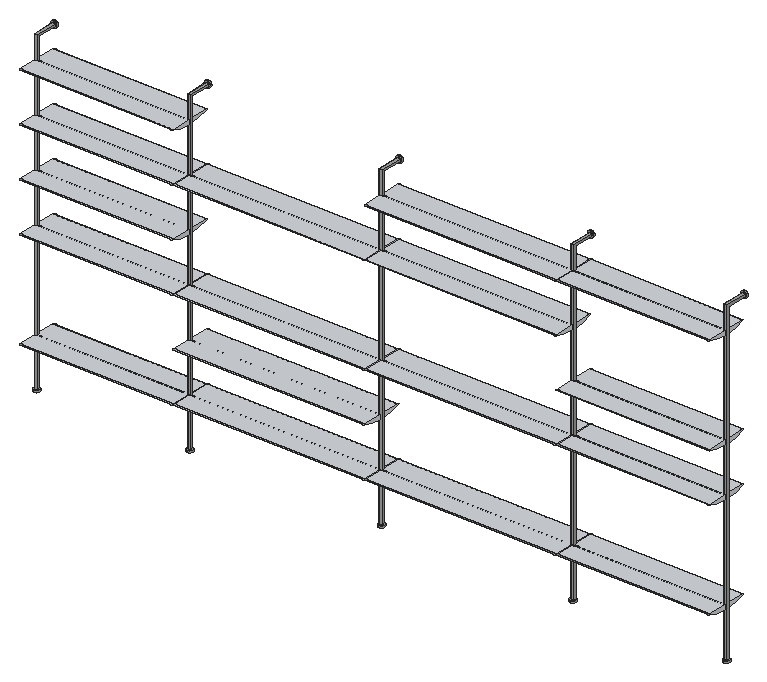
Revit family "Sailor_Parete_Composizione_6", category Arredi, Revit 2017
Family settings
  Numero OmniClass = 23.40.20.00
  Titolo OmniClass = General Furniture and Specialties
  Basato su piano di lavoro = No
  Sempre verticale = Sì
  Taglio con vuoti quando caricato = No
  Condiviso = No
  Punto di calcolo locali = No
Parameters
  VisibModulo4 = yes
  VisibModulo3 = yes
  VisibModulo2 = yes
  URL = "www.livingdivani.it"
  Produttore = "Living Divani"
  Modello = "Sailor"
  Lunghezza Modulo 3 = 1500 mm
  Lunghezza Modulo 2 = 1500 mm
  Lunghezza Modulo 4 = 1200 mm
  Lunghezza Modulo 1 = 1200 mm
Reference planes
  plane 1 "Centro (Fronte/Retro)": y = 0
  plane 2: z = 0
  plane 3 "Centro (Sinistra/Destra)": x = 0
Dimensions and locks
  aligned and locked: level to plane 2
  aligned and locked: nested 2 to nested 1
  aligned and locked: nested 3 to nested 2
  aligned and locked: nested 2 to nested 3
  aligned and locked: nested 4 to nested 3
  aligned and locked: nested 3 to nested 4
Nested families
  nested 1: "Sailor_Modulo_Base_Parete" at (0, 0, 0), LunghezzaRipiano <- "Lunghezza Modulo 1", type "Modulo 1"
    with VisibRipiano6 yes, VisibRipiano5 yes, VisibRipiano4 yes, VisibRipiano3 yes, VisibRipiano2 no, VisibRipiano1 yes, LunghezzaRipiano 1200 mm
  nested 2: "Sailor_Modulo_Base_Parete" at (1200, 0, 0), LunghezzaRipiano <- "Lunghezza Modulo 2", visible <- "VisibModulo2", type "Modulo 2"
    with VisibRipiano6 no, VisibRipiano5 yes, VisibRipiano4 no, VisibRipiano3 yes, VisibRipiano2 yes, VisibRipiano1 yes, LunghezzaRipiano 1500 mm, PrimaAsta no
  nested 3: "Sailor_Modulo_Base_Parete" at (2700, 0, 0), LunghezzaRipiano <- "Lunghezza Modulo 3", visible <- "VisibModulo3", type "Modulo 3"
    with VisibRipiano6 yes, VisibRipiano5 yes, VisibRipiano4 no, VisibRipiano3 yes, VisibRipiano2 no, VisibRipiano1 yes, LunghezzaRipiano 1500 mm, PrimaAsta no
  nested 4: "Sailor_Modulo_Base_Parete" at (4200, 0, 0), LunghezzaRipiano <- "Lunghezza Modulo 4", visible <- "VisibModulo4", type "Modulo 4"
    with VisibRipiano6 yes, VisibRipiano5 no, VisibRipiano4 yes, VisibRipiano3 yes, VisibRipiano2 no, VisibRipiano1 yes, LunghezzaRipiano 1200 mm, PrimaAsta no
Definition of nested family "Sailor_Modulo_Base_Parete"
  Parameters (values of type "Sailor_Modulo_Base_Parete")
    VisibRipiano6 [instance] = yes
    VisibRipiano5 [instance] = yes
    VisibRipiano4 [instance] = yes
    VisibRipiano3 [instance] = yes
    VisibRipiano1 [instance] = yes
    VisibRipiano2 [instance] = yes
    Ripiani = none
    PrimaAsta = yes
    LunghezzaRipiano [instance] = 900 mm
    Aste = none
  Reference planes
    plane 1 "Centro (Fronte/Retro)": y = 0
    plane 2: z = 0
    plane 3 "Centro (Sinistra/Destra)": x = 0
    plane 4: y = 0
    plane 5 "Lunghezza Ripiano": x = 900
    plane 6 "primo ripiano": z = 383
    plane 7: y = 0
    plane 8: y = 0
    plane 9: y = 0
    plane 10: y = 0
    plane 11: y = 0
  Forms (mm)
    Revolve 1, solid, material <- "Aste", visible <- "PrimaAsta"
      sketch origin (0, 0, 0) x (0, 1, 0) y (0, 0, 1)
        loop
          line (0, 20) -> (0, 0) -> (19, 0) -> (20.125, 2.25) -> (25, 2.25) -> (25, 9.915) -> (7.761, 9.915) -> (6.996, 12.974) -> (5, 12.974) -> (5, 14.189) -> (7.229, 20) -> (0, 20)
        axis (0, 0) -> (0, 20)
      angle from 0 to 360
    Extrusion 2, solid, material <- "Ripiani", visible <- "VisibRipiano1"
      sketch origin (0, -315.449, -968.719) x (0, 1, 0) y (0, 0, 1)
        loop
          arc (153.449, 1369.219) -> (150.496, 1366.748) -> (152.408, 1363.405) r 3
          arc (152.408, 1363.405) -> (315.449, 1334.219) -> (478.489, 1363.405) r 469.983
          arc (478.489, 1363.405) -> (480.402, 1366.748) -> (477.449, 1369.219) r 3
          line (477.449, 1369.219) -> (153.449, 1369.219)
        loop
          circle (315.449, 1351.719) r 8
      from 0 to 900 <- "LunghezzaRipiano"
    Extrusion 3, solid, visible <- "PrimaAsta", not visible
      sketch origin (0, 0, 0) x (1, 0, 0) y (0, 1, 0)
        loop
          line (12.5, 7.217) -> (0, 14.434) -> (-12.5, 7.217) -> (-12.5, -7.217) -> (0, -14.434) -> (12.5, -7.217) -> (12.5, 7.217)
      from 20 to 2670
    Revolve 4, solid, visible <- "PrimaAsta", not visible
      sketch origin (0, 0, 0) x (0, 1, 0) y (0, 0, 1)
        loop
          line (0, 20) -> (0, 0) -> (19, 0) -> (20.125, 2.25) -> (25, 2.25) -> (25, 9.915) -> (7.761, 9.915) -> (6.996, 12.974) -> (5, 12.974) -> (5, 14.189) -> (7.229, 20) -> (0, 20)
        axis (0, 0) -> (0, 20)
      angle from 0 to 360
    Revolve 5, solid, visible <- "PrimaAsta", not visible
      sketch origin (0, 0, 2690) x (0, 1, 0) y (0, 0, -1)
        loop
          line (0, 20) -> (0, 0) -> (19, 0) -> (20.125, 2.25) -> (25, 2.25) -> (25, 9.915) -> (7.761, 9.915) -> (6.996, 12.974) -> (5, 12.974) -> (5, 14.189) -> (7.229, 20) -> (0, 20)
        axis (0, 0) -> (0, 20)
      angle from 0 to 360
    Revolve 6, solid, material <- "Aste"
      sketch origin (900, 0, 0) x (0, 1, 0) y (0, 0, 1)
        loop
          line (0, 20) -> (0, 0) -> (19, 0) -> (20.125, 2.25) -> (25, 2.25) -> (25, 9.915) -> (7.761, 9.915) -> (6.996, 12.974) -> (5, 12.974) -> (5, 14.189) -> (7.229, 20) -> (0, 20)
        axis (0, 0) -> (0, 20)
      angle from 0 to 360
    Extrusion 7, solid, material <- "Ripiani", visible <- "VisibRipiano2"
      sketch origin (0, -315.449, -583.719) x (0, 1, 0) y (0, 0, 1)
        loop
          arc (153.449, 1369.219) -> (150.496, 1366.748) -> (152.408, 1363.405) r 3
          arc (152.408, 1363.405) -> (315.449, 1334.219) -> (478.489, 1363.405) r 469.983
          arc (478.489, 1363.405) -> (480.402, 1366.748) -> (477.449, 1369.219) r 3
          line (477.449, 1369.219) -> (153.449, 1369.219)
        loop
          circle (315.449, 1351.719) r 8
      from 0 to 900 <- "LunghezzaRipiano"
    Extrusion 8, solid, material <- "Ripiani", visible <- "VisibRipiano3"
      sketch origin (0, -315.449, -198.719) x (0, 1, 0) y (0, 0, 1)
        loop
          arc (153.449, 1369.219) -> (150.496, 1366.748) -> (152.408, 1363.405) r 3
          arc (152.408, 1363.405) -> (315.449, 1334.219) -> (478.489, 1363.405) r 469.983
          arc (478.489, 1363.405) -> (480.402, 1366.748) -> (477.449, 1369.219) r 3
          line (477.449, 1369.219) -> (153.449, 1369.219)
        loop
          circle (315.449, 1351.719) r 8
      from 0 to 900 <- "LunghezzaRipiano"
    Extrusion 9, solid, material <- "Ripiani", visible <- "VisibRipiano4"
      sketch origin (0, -315.449, 186.281) x (0, 1, 0) y (0, 0, 1)
        loop
          arc (153.449, 1369.219) -> (150.496, 1366.748) -> (152.408, 1363.405) r 3
          arc (152.408, 1363.405) -> (315.449, 1334.219) -> (478.489, 1363.405) r 469.983
          arc (478.489, 1363.405) -> (480.402, 1366.748) -> (477.449, 1369.219) r 3
          line (477.449, 1369.219) -> (153.449, 1369.219)
        loop
          circle (315.449, 1351.719) r 8
      from 0 to 900 <- "LunghezzaRipiano"
    Extrusion 10, solid, material <- "Ripiani", visible <- "VisibRipiano5"
      sketch origin (0, -315.449, 571.281) x (0, 1, 0) y (0, 0, 1)
        loop
          arc (153.449, 1369.219) -> (150.496, 1366.748) -> (152.408, 1363.405) r 3
          arc (152.408, 1363.405) -> (315.449, 1334.219) -> (478.489, 1363.405) r 469.983
          arc (478.489, 1363.405) -> (480.402, 1366.748) -> (477.449, 1369.219) r 3
          line (477.449, 1369.219) -> (153.449, 1369.219)
        loop
          circle (315.449, 1351.719) r 8
      from 0 to 900 <- "LunghezzaRipiano"
    Extrusion 11, solid, material <- "Ripiani", visible <- "VisibRipiano6"
      sketch origin (0, -315.449, 956.281) x (0, 1, 0) y (0, 0, 1)
        loop
          arc (153.449, 1369.219) -> (150.496, 1366.748) -> (152.408, 1363.405) r 3
          arc (152.408, 1363.405) -> (315.449, 1334.219) -> (478.489, 1363.405) r 469.983
          arc (478.489, 1363.405) -> (480.402, 1366.748) -> (477.449, 1369.219) r 3
          line (477.449, 1369.219) -> (153.449, 1369.219)
        loop
          circle (315.449, 1351.719) r 8
      from 0 to 900 <- "LunghezzaRipiano"
    Extrusion 12, void
      sketch origin (-112.713, -21.581, 0) x (1, 0, 0) y (0, 1, 0)
        loop
          line (112.713, 36.015) -> (112.713, 7.147) -> (125.213, 14.364) -> (125.213, 28.798) -> (112.713, 36.015)
      from 361.476 to 406.494
    Extrusion 13, void
      sketch origin (862.713, -21.581, 0) x (-1, 0, 0) y (0, -1, 0)
        loop
          line (-37.287, -36.015) -> (-24.787, -28.798) -> (-24.787, -14.364) -> (-37.287, -7.147) -> (-37.287, -36.015)
      from 361.476 to 406.494
    Extrusion 14, void
      sketch origin (-112.713, -21.581, 385.443) x (0, -1, 0) y (1, 0, 0)
        loop
          line (-36.015, 112.713) -> (-7.147, 112.713) -> (-14.364, 125.213) -> (-28.798, 125.213) -> (-36.015, 112.713)
      from 361.476 to 406.494
    Extrusion 15, void
      sketch origin (862.713, -21.581, 385.443) x (0, 1, 0) y (-1, 0, 0)
        loop
          line (36.015, -37.287) -> (28.798, -24.787) -> (14.364, -24.787) -> (7.147, -37.287) -> (36.015, -37.287)
      from 361.476 to 406.494
    Extrusion 16, void
      sketch origin (-112.713, -21.581, 770.443) x (0, -1, 0) y (1, 0, 0)
        loop
          line (-36.015, 112.713) -> (-7.147, 112.713) -> (-14.364, 125.213) -> (-28.798, 125.213) -> (-36.015, 112.713)
      from 361.476 to 406.494
    Extrusion 17, void
      sketch origin (862.713, -21.581, 770.443) x (0, 1, 0) y (-1, 0, 0)
        loop
          line (36.015, -37.287) -> (28.798, -24.787) -> (14.364, -24.787) -> (7.147, -37.287) -> (36.015, -37.287)
      from 361.476 to 406.494
    Extrusion 18, void
      sketch origin (-112.713, -21.581, 1155.443) x (0, -1, 0) y (1, 0, 0)
        loop
          line (-36.015, 112.713) -> (-7.147, 112.713) -> (-14.364, 125.213) -> (-28.798, 125.213) -> (-36.015, 112.713)
      from 361.476 to 406.494
    Extrusion 19, void
      sketch origin (862.713, -21.581, 1155.443) x (0, 1, 0) y (-1, 0, 0)
        loop
          line (36.015, -37.287) -> (28.798, -24.787) -> (14.364, -24.787) -> (7.147, -37.287) -> (36.015, -37.287)
      from 361.476 to 406.494
    Extrusion 20, void
      sketch origin (-112.713, -21.581, 1540.443) x (0, -1, 0) y (1, 0, 0)
        loop
          line (-36.015, 112.713) -> (-7.147, 112.713) -> (-14.364, 125.213) -> (-28.798, 125.213) -> (-36.015, 112.713)
      from 361.476 to 406.494
    Extrusion 21, void
      sketch origin (862.713, -21.581, 1540.443) x (0, 1, 0) y (-1, 0, 0)
        loop
          line (36.015, -37.287) -> (28.798, -24.787) -> (14.364, -24.787) -> (7.147, -37.287) -> (36.015, -37.287)
      from 361.476 to 406.494
    Extrusion 22, void
      sketch origin (-112.713, -21.581, 1925.443) x (0, -1, 0) y (1, 0, 0)
        loop
          line (-36.015, 112.713) -> (-7.147, 112.713) -> (-14.364, 125.213) -> (-28.798, 125.213) -> (-36.015, 112.713)
      from 361.476 to 406.494
    Extrusion 23, void
      sketch origin (862.713, -21.581, 1925.443) x (0, 1, 0) y (-1, 0, 0)
        loop
          line (36.015, -37.287) -> (28.798, -24.787) -> (14.364, -24.787) -> (7.147, -37.287) -> (36.015, -37.287)
      from 361.476 to 406.494
    Sweep 24, solid, material <- "Aste", visible <- "PrimaAsta"
      path origin (0, 0, 0) x (0, 1, 0) y (0, 0, 1)
        loop
          line (0, 20) -> (0, 2496) -> (160.566, 2496)
      profile origin (0, 0, 1258) x (0, -1, 0) y (1, 0, 0)
        loop
          line (-14.434, 0) -> (-7.217, -12.5) -> (7.217, -12.5) -> (14.434, 0) -> (7.217, 12.5) -> (-7.217, 12.5) -> (-14.434, 0)
    Revolve 25, solid, material <- "Aste", visible <- "PrimaAsta"
      sketch origin (0, 180.566, 2496) x (0, 0, 1) y (0, -1, 0)
        loop
          line (0, 20) -> (0, -15) -> (3, -15) -> (3, 0) -> (19, 0) -> (20.125, 2.25) -> (25, 2.25) -> (25, 9.915) -> (7.761, 9.915) -> (6.996, 12.974) -> (5, 12.974) -> (5, 14.189) -> (7.229, 20) -> (0, 20)
        axis (0, -15) -> (0, 20)
      angle from 0 to 360
    Sweep 26, solid, material <- "Aste"
      path origin (900, 551.923, 1200) x (0, 1, 0) y (0, 0, 1)
        loop
          line (-551.923, -1180) -> (-551.923, 1296) -> (-391.357, 1296)
      profile origin (900, 0, 1258) x (0, -1, 0) y (1, 0, 0)
        loop
          line (14.434, 0) -> (7.217, 12.5) -> (-7.217, 12.5) -> (-14.434, 0) -> (-7.217, -12.5) -> (7.217, -12.5) -> (14.434, 0)
    Revolve 27, solid, material <- "Aste"
      sketch origin (900, 180.566, 2496) x (0, 0, 1) y (0, 1, 0)
        loop
          line (0, -20) -> (7.229, -20) -> (5, -14.189) -> (5, -12.974) -> (6.996, -12.974) -> (7.761, -9.915) -> (25, -9.915) -> (25, -2.25) -> (20.125, -2.25) -> (19, 0) -> (3, 0) -> (3, 15) -> (0, 15) -> (0, -20)
        axis (0, 15) -> (0, -20)
      angle from 0 to 360
  Cuts and joins
    Extrusion 12, Extrusion 13, Extrusion 14, Extrusion 15 cuts Extrusion 2
    Extrusion 12, Extrusion 13, Extrusion 22, Extrusion 23 cuts Extrusion 11
    Extrusion 14, Extrusion 15, Extrusion 16 cuts Extrusion 7
    Extrusion 16, Extrusion 17, Extrusion 18 cuts Extrusion 8
    Extrusion 18, Extrusion 19, Extrusion 20 cuts Extrusion 9
    Extrusion 20, Extrusion 21, Extrusion 22 cuts Extrusion 10
  Dimensions and locks
    equal spacing: Extrusion 2 sketch curve, plane 4, Extrusion 2 sketch curve, locked at 165 each
    "LunghezzaRipiano": plane 3 "Centro (Sinistra/Destra)" to plane 5 "Lunghezza Ripiano"
    plane 6 "primo ripiano" to level = 383 mm
    equal spacing: Extrusion 7 sketch curve, plane 7, Extrusion 7 sketch curve, locked at 165 each
    Extrusion 7 to plane 6 "primo ripiano" = 385 mm
    equal spacing: Extrusion 8 sketch curve, plane 8, Extrusion 8 sketch curve, locked at 165 each
    equal spacing: Extrusion 9 sketch curve, plane 9, Extrusion 9 sketch curve, locked at 165 each
    equal spacing: Extrusion 10 sketch curve, plane 10, Extrusion 10 sketch curve, locked at 165 each
    equal spacing: Extrusion 11 sketch curve, plane 11, Extrusion 11 sketch curve, locked at 165 each
    aligned and locked: level to plane 2
    aligned and locked: plane 4 to plane 1 "Centro (Fronte/Retro)"
    aligned and locked: plane 6 "primo ripiano" to Extrusion 2
    aligned and locked: cut or joined group of Extrusion 11, Extrusion 12, Extrusion 13, Extrusion 22, Extrusion 23 to cut or joined group of Extrusion 2, Extrusion 12, Extrusion 13, Extrusion 14, Extrusion 15  (x2)
    aligned and locked: plane 5 "Lunghezza Ripiano" to Revolve 6
    aligned and locked: Sweep 24 to Revolve 25
    aligned and locked: plane 5 "Lunghezza Ripiano" to Revolve 27
  Automatic sketch dimensions
    Extrusion 3 sketch curve to Extrusion 3 sketch curve = 7.217 mm  (x4)
    Revolve 4 sketch curve to Revolve 4 sketch curve = 1.996 mm
    Revolve 4 sketch curve to Revolve 4 sketch curve = 2.229 mm
    Revolve 4 sketch curve to Revolve 4 sketch curve = 0.765 mm
    Revolve 4 sketch curve to Revolve 4 sketch curve = 11.239 mm
    Revolve 4 sketch curve to Revolve 4 sketch curve = 1.125 mm
    Revolve 4 sketch curve to Revolve 4 sketch curve = 4.875 mm
    Revolve 4 sketch curve to Revolve 4 sketch curve = 3.059 mm
    Revolve 4 sketch curve to Revolve 4 sketch curve = 1.216 mm
    Revolve 4 sketch curve to Revolve 4 sketch curve = 5.811 mm
    Revolve 4 sketch curve to Revolve 4 sketch curve = 2780 mm
    Revolve 5 sketch curve to Revolve 5 sketch curve = 1.996 mm
    Revolve 5 sketch curve to Revolve 5 sketch curve = 2.229 mm
    Revolve 5 sketch curve to Revolve 5 sketch curve = 0.765 mm
    Revolve 5 sketch curve to Revolve 5 sketch curve = 11.239 mm
    Revolve 5 sketch curve to Revolve 5 sketch curve = 1.125 mm
    Revolve 5 sketch curve to Revolve 5 sketch curve = 4.875 mm
    Revolve 5 sketch curve to Revolve 5 sketch curve = 2.25 mm
    Revolve 5 sketch curve to Revolve 5 sketch curve = 9.915 mm
    Revolve 5 sketch curve to Revolve 5 sketch curve = 3.059 mm
    Revolve 5 sketch curve to Revolve 5 sketch curve = 1.216 mm
    Revolve 5 sketch curve to Revolve 5 sketch curve = 5.811 mm
    Revolve 5 sketch curve to Revolve 5 sketch curve = 0 mm  (x2)
    Extrusion 3 sketch curve to Extrusion 3 sketch curve = 12.5 mm  (x3)
    Extrusion 3 sketch curve to Extrusion 3 sketch curve = 14.434 mm
    Revolve 4 sketch curve to Revolve 4 sketch curve = 5 mm
    Revolve 4 sketch curve to Revolve 4 sketch curve = 2.25 mm
    Revolve 4 sketch curve to Revolve 4 sketch curve = 9.915 mm
    Revolve 4 sketch curve to Revolve 4 sketch curve = 0 mm  (x2)
    Revolve 5 sketch curve to Revolve 5 sketch curve = 5 mm
    Revolve 5 sketch curve to Revolve 5 sketch curve = 2780 mm
    Revolve 1 sketch curve to level = 0 mm  (x2)
    Revolve 1 sketch curve to plane 1 "Centro (Fronte/Retro)" = 0 mm  (x2)
    Revolve 1 sketch curve to plane 1 "Centro (Fronte/Retro)" = 5 mm
    Revolve 1 sketch curve to Revolve 1 sketch curve = 1.996 mm
    Revolve 1 sketch curve to Revolve 1 sketch curve = 2.229 mm
    Revolve 1 sketch curve to Revolve 1 sketch curve = 0.765 mm
    Revolve 1 sketch curve to Revolve 1 sketch curve = 11.239 mm
    level to Revolve 1 sketch curve = 2.25 mm
    Revolve 1 sketch curve to Revolve 1 sketch curve = 1.125 mm
    Revolve 1 sketch curve to Revolve 1 sketch curve = 4.875 mm
    level to Revolve 1 sketch curve = 9.915 mm
    Revolve 1 sketch curve to Revolve 1 sketch curve = 3.059 mm
    Revolve 1 sketch curve to Revolve 1 sketch curve = 1.216 mm
    Revolve 1 sketch curve to Revolve 1 sketch curve = 5.811 mm
    plane 6 "primo ripiano" to Revolve 1 sketch curve = 2417 mm
    Extrusion 2 sketch curve to plane 1 "Centro (Fronte/Retro)" = 0 mm  (x2)
    Extrusion 2 sketch curve to plane 6 "primo ripiano" = 0 mm
    plane 6 "primo ripiano" to Extrusion 2 sketch curve = 17.5 mm
    plane 1 "Centro (Fronte/Retro)" to Extrusion 2 sketch curve = 162 mm
    Extrusion 2 sketch curve to plane 1 "Centro (Fronte/Retro)" = 162 mm
    Extrusion 2 sketch curve to Extrusion 2 sketch curve = 3 mm
    Extrusion 2 sketch curve to Extrusion 2 sketch curve = 452.483 mm
    Extrusion 2 sketch curve to Extrusion 2 sketch curve = 0 mm
    Revolve 6 sketch curve to level = 0 mm  (x2)
    Revolve 6 sketch curve to plane 1 "Centro (Fronte/Retro)" = 0 mm  (x2)
    Revolve 6 sketch curve to plane 1 "Centro (Fronte/Retro)" = 5 mm
    Revolve 6 sketch curve to Revolve 6 sketch curve = 1.996 mm
    Revolve 6 sketch curve to Revolve 6 sketch curve = 2.229 mm
    Revolve 6 sketch curve to Revolve 6 sketch curve = 0.765 mm
    Revolve 6 sketch curve to Revolve 6 sketch curve = 11.239 mm
    level to Revolve 6 sketch curve = 2.25 mm
    Revolve 6 sketch curve to Revolve 6 sketch curve = 1.125 mm
    Revolve 6 sketch curve to Revolve 6 sketch curve = 4.875 mm
    level to Revolve 6 sketch curve = 9.915 mm
    Revolve 6 sketch curve to Revolve 6 sketch curve = 3.059 mm
    Revolve 6 sketch curve to Revolve 6 sketch curve = 1.216 mm
    Revolve 6 sketch curve to Revolve 6 sketch curve = 5.811 mm
    plane 6 "primo ripiano" to Revolve 6 sketch curve = 2417 mm
    Extrusion 7 sketch curve to plane 1 "Centro (Fronte/Retro)" = 0 mm  (x2)
    plane 1 "Centro (Fronte/Retro)" to Extrusion 7 sketch curve = 162 mm
    Extrusion 7 sketch curve to plane 1 "Centro (Fronte/Retro)" = 162 mm
    plane 6 "primo ripiano" to Extrusion 7 sketch curve = 385 mm
    Extrusion 7 sketch curve to Extrusion 7 sketch curve = 14.5 mm
    Extrusion 7 sketch curve to Extrusion 7 sketch curve = 3 mm
    Extrusion 7 sketch curve to Extrusion 7 sketch curve = 452.483 mm
    Extrusion 7 sketch curve to Extrusion 7 sketch curve = 0 mm
    Extrusion 8 sketch curve to plane 1 "Centro (Fronte/Retro)" = 0 mm  (x2)
    plane 1 "Centro (Fronte/Retro)" to Extrusion 8 sketch curve = 162 mm
    Extrusion 8 sketch curve to plane 1 "Centro (Fronte/Retro)" = 162 mm
    plane 6 "primo ripiano" to Extrusion 8 sketch curve = 770 mm
    Extrusion 8 sketch curve to Extrusion 8 sketch curve = 14.5 mm
    Extrusion 8 sketch curve to Extrusion 8 sketch curve = 3 mm
    Extrusion 8 sketch curve to Extrusion 8 sketch curve = 452.483 mm
    Extrusion 8 sketch curve to Extrusion 8 sketch curve = 0 mm
    Extrusion 9 sketch curve to plane 1 "Centro (Fronte/Retro)" = 0 mm  (x2)
    plane 1 "Centro (Fronte/Retro)" to Extrusion 9 sketch curve = 162 mm
    Extrusion 9 sketch curve to plane 1 "Centro (Fronte/Retro)" = 162 mm
    plane 6 "primo ripiano" to Extrusion 9 sketch curve = 1155 mm
    Extrusion 9 sketch curve to Extrusion 9 sketch curve = 14.5 mm
    Extrusion 9 sketch curve to Extrusion 9 sketch curve = 3 mm
    Extrusion 9 sketch curve to Extrusion 9 sketch curve = 452.483 mm
    Extrusion 9 sketch curve to Extrusion 9 sketch curve = 0 mm
    Extrusion 10 sketch curve to plane 1 "Centro (Fronte/Retro)" = 0 mm  (x2)
    plane 1 "Centro (Fronte/Retro)" to Extrusion 10 sketch curve = 162 mm
    Extrusion 10 sketch curve to plane 1 "Centro (Fronte/Retro)" = 162 mm
    plane 6 "primo ripiano" to Extrusion 10 sketch curve = 1540 mm
    Extrusion 10 sketch curve to Extrusion 10 sketch curve = 14.5 mm
    Extrusion 10 sketch curve to Extrusion 10 sketch curve = 3 mm
    Extrusion 10 sketch curve to Extrusion 10 sketch curve = 452.483 mm
    Extrusion 10 sketch curve to Extrusion 10 sketch curve = 0 mm
    Extrusion 11 sketch curve to plane 1 "Centro (Fronte/Retro)" = 0 mm  (x2)
    plane 1 "Centro (Fronte/Retro)" to Extrusion 11 sketch curve = 162 mm
    Extrusion 11 sketch curve to plane 1 "Centro (Fronte/Retro)" = 162 mm
    plane 6 "primo ripiano" to Extrusion 11 sketch curve = 1925 mm
    Extrusion 11 sketch curve to Extrusion 11 sketch curve = 14.5 mm
    Extrusion 11 sketch curve to Extrusion 11 sketch curve = 3 mm
    Extrusion 11 sketch curve to Extrusion 11 sketch curve = 452.483 mm
    Extrusion 11 sketch curve to Extrusion 11 sketch curve = 0 mm
    Extrusion 12 sketch curve to plane 3 "Centro (Sinistra/Destra)" = 0 mm
    plane 3 "Centro (Sinistra/Destra)" to Extrusion 12 sketch curve = 12.5 mm
    plane 1 "Centro (Fronte/Retro)" to Extrusion 12 sketch curve = 14.434 mm
    plane 1 "Centro (Fronte/Retro)" to Extrusion 12 sketch curve = 7.217 mm
    Extrusion 12 sketch curve to plane 1 "Centro (Fronte/Retro)" = 7.217 mm
    Extrusion 12 sketch curve to Extrusion 12 sketch curve = 7.217 mm
    Extrusion 13 sketch curve to plane 5 "Lunghezza Ripiano" = 0 mm
    plane 5 "Lunghezza Ripiano" to Extrusion 13 sketch curve = 12.5 mm
    Extrusion 13 sketch curve to plane 1 "Centro (Fronte/Retro)" = 14.434 mm
    Extrusion 13 sketch curve to plane 1 "Centro (Fronte/Retro)" = 7.217 mm
    plane 1 "Centro (Fronte/Retro)" to Extrusion 13 sketch curve = 7.217 mm
    plane 1 "Centro (Fronte/Retro)" to Extrusion 13 sketch curve = 14.434 mm
    Extrusion 14 sketch curve to plane 3 "Centro (Sinistra/Destra)" = 0 mm
    Extrusion 14 sketch curve to plane 1 "Centro (Fronte/Retro)" = 14.434 mm
    Extrusion 14 sketch curve to plane 1 "Centro (Fronte/Retro)" = 7.217 mm
    plane 1 "Centro (Fronte/Retro)" to Extrusion 14 sketch curve = 7.217 mm
    Extrusion 14 sketch curve to Extrusion 14 sketch curve = 7.217 mm
    plane 3 "Centro (Sinistra/Destra)" to Extrusion 14 sketch curve = 12.5 mm
    Extrusion 15 sketch curve to plane 5 "Lunghezza Ripiano" = 0 mm
    plane 1 "Centro (Fronte/Retro)" to Extrusion 15 sketch curve = 14.434 mm
    plane 1 "Centro (Fronte/Retro)" to Extrusion 15 sketch curve = 7.217 mm
    Extrusion 15 sketch curve to plane 1 "Centro (Fronte/Retro)" = 7.217 mm
    Extrusion 15 sketch curve to plane 1 "Centro (Fronte/Retro)" = 14.434 mm
    Extrusion 15 sketch curve to plane 5 "Lunghezza Ripiano" = 12.5 mm
    Extrusion 16 sketch curve to plane 3 "Centro (Sinistra/Destra)" = 0 mm
    Extrusion 16 sketch curve to plane 1 "Centro (Fronte/Retro)" = 14.434 mm
    Extrusion 16 sketch curve to plane 1 "Centro (Fronte/Retro)" = 7.217 mm
    plane 1 "Centro (Fronte/Retro)" to Extrusion 16 sketch curve = 7.217 mm
    Extrusion 16 sketch curve to Extrusion 16 sketch curve = 7.217 mm
    plane 3 "Centro (Sinistra/Destra)" to Extrusion 16 sketch curve = 12.5 mm
    Extrusion 17 sketch curve to plane 5 "Lunghezza Ripiano" = 0 mm
    plane 1 "Centro (Fronte/Retro)" to Extrusion 17 sketch curve = 14.434 mm
    plane 1 "Centro (Fronte/Retro)" to Extrusion 17 sketch curve = 7.217 mm
    Extrusion 17 sketch curve to plane 1 "Centro (Fronte/Retro)" = 7.217 mm
    Extrusion 17 sketch curve to plane 1 "Centro (Fronte/Retro)" = 14.434 mm
    Extrusion 17 sketch curve to plane 5 "Lunghezza Ripiano" = 12.5 mm
    Extrusion 18 sketch curve to plane 3 "Centro (Sinistra/Destra)" = 0 mm
    Extrusion 18 sketch curve to plane 1 "Centro (Fronte/Retro)" = 14.434 mm
    Extrusion 18 sketch curve to plane 1 "Centro (Fronte/Retro)" = 7.217 mm
    plane 1 "Centro (Fronte/Retro)" to Extrusion 18 sketch curve = 7.217 mm
    Extrusion 18 sketch curve to Extrusion 18 sketch curve = 7.217 mm
    plane 3 "Centro (Sinistra/Destra)" to Extrusion 18 sketch curve = 12.5 mm
    Extrusion 19 sketch curve to plane 5 "Lunghezza Ripiano" = 0 mm
    plane 1 "Centro (Fronte/Retro)" to Extrusion 19 sketch curve = 14.434 mm
    plane 1 "Centro (Fronte/Retro)" to Extrusion 19 sketch curve = 7.217 mm
    Extrusion 19 sketch curve to plane 1 "Centro (Fronte/Retro)" = 7.217 mm
    Extrusion 19 sketch curve to plane 1 "Centro (Fronte/Retro)" = 14.434 mm
    Extrusion 19 sketch curve to plane 5 "Lunghezza Ripiano" = 12.5 mm
    Extrusion 20 sketch curve to plane 3 "Centro (Sinistra/Destra)" = 0 mm
    Extrusion 20 sketch curve to plane 1 "Centro (Fronte/Retro)" = 14.434 mm
    Extrusion 20 sketch curve to plane 1 "Centro (Fronte/Retro)" = 7.217 mm
    plane 1 "Centro (Fronte/Retro)" to Extrusion 20 sketch curve = 7.217 mm
    Extrusion 20 sketch curve to Extrusion 20 sketch curve = 7.217 mm
    plane 3 "Centro (Sinistra/Destra)" to Extrusion 20 sketch curve = 12.5 mm
    Extrusion 21 sketch curve to plane 5 "Lunghezza Ripiano" = 0 mm
    plane 1 "Centro (Fronte/Retro)" to Extrusion 21 sketch curve = 14.434 mm
    plane 1 "Centro (Fronte/Retro)" to Extrusion 21 sketch curve = 7.217 mm
    Extrusion 21 sketch curve to plane 1 "Centro (Fronte/Retro)" = 7.217 mm
    Extrusion 21 sketch curve to plane 1 "Centro (Fronte/Retro)" = 14.434 mm
    Extrusion 21 sketch curve to plane 5 "Lunghezza Ripiano" = 12.5 mm
    Extrusion 22 sketch curve to plane 3 "Centro (Sinistra/Destra)" = 0 mm
    Extrusion 22 sketch curve to plane 1 "Centro (Fronte/Retro)" = 14.434 mm
    Extrusion 22 sketch curve to plane 1 "Centro (Fronte/Retro)" = 7.217 mm
    plane 1 "Centro (Fronte/Retro)" to Extrusion 22 sketch curve = 7.217 mm
    Extrusion 22 sketch curve to Extrusion 22 sketch curve = 7.217 mm
    plane 3 "Centro (Sinistra/Destra)" to Extrusion 22 sketch curve = 12.5 mm
    Extrusion 23 sketch curve to plane 5 "Lunghezza Ripiano" = 0 mm
    plane 1 "Centro (Fronte/Retro)" to Extrusion 23 sketch curve = 14.434 mm
    plane 1 "Centro (Fronte/Retro)" to Extrusion 23 sketch curve = 7.217 mm
    Extrusion 23 sketch curve to plane 1 "Centro (Fronte/Retro)" = 7.217 mm
    Extrusion 23 sketch curve to Extrusion 23 sketch curve = 7.217 mm
    Extrusion 23 sketch curve to plane 5 "Lunghezza Ripiano" = 12.5 mm
    Sweep 24 sketch curve to plane 1 "Centro (Fronte/Retro)" = 0 mm
    plane 6 "primo ripiano" to Sweep 24 sketch curve = 2113 mm
    Sweep 24 sketch curve to plane 1 "Centro (Fronte/Retro)" = 160.566 mm
    level to Sweep 24 sketch curve = 20 mm
    Sweep 24 sketch curve to plane 3 "Centro (Sinistra/Destra)" = 0 mm  (x2)
    profile plane to Sweep 24 sketch curve = 14.434 mm
    profile plane to Sweep 24 sketch curve = 7.217 mm  (x2)
    Sweep 24 sketch curve to profile plane = 7.217 mm  (x2)
    Sweep 24 sketch curve to Sweep 24 sketch curve = 7.217 mm
    Sweep 24 sketch curve to plane 3 "Centro (Sinistra/Destra)" = 12.5 mm
    plane 3 "Centro (Sinistra/Destra)" to Sweep 24 sketch curve = 12.5 mm
    Revolve 25 sketch curve to plane 1 "Centro (Fronte/Retro)" = 160.566 mm
    plane 6 "primo ripiano" to Revolve 25 sketch curve = 2113 mm  (x2)
    Revolve 25 sketch curve to Revolve 25 sketch curve = 3 mm
    Revolve 25 sketch curve to Revolve 25 sketch curve = 5 mm
    Revolve 25 sketch curve to plane 1 "Centro (Fronte/Retro)" = 167.593 mm
    Revolve 25 sketch curve to Revolve 25 sketch curve = 1.996 mm
    Revolve 25 sketch curve to Revolve 25 sketch curve = 2.229 mm
    Revolve 25 sketch curve to plane 1 "Centro (Fronte/Retro)" = 170.652 mm
    Revolve 25 sketch curve to Revolve 25 sketch curve = 0.765 mm
    Revolve 25 sketch curve to plane 1 "Centro (Fronte/Retro)" = 180.566 mm
    Revolve 25 sketch curve to Revolve 25 sketch curve = 11.239 mm
    Revolve 25 sketch curve to plane 1 "Centro (Fronte/Retro)" = 178.316 mm
    Revolve 25 sketch curve to Revolve 25 sketch curve = 1.125 mm
    Revolve 25 sketch curve to Revolve 25 sketch curve = 4.875 mm
    Revolve 25 sketch curve to Revolve 25 sketch curve = 15 mm
    Revolve 25 sketch curve to Revolve 25 sketch curve = 1.216 mm
    Revolve 25 sketch curve to Revolve 25 sketch curve = 0 mm
    plane 1 "Centro (Fronte/Retro)" to Revolve 25 sketch curve = 2619.434 mm
    Sweep 26 sketch curve to profile plane = 0 mm  (x2)
    profile plane to Sweep 26 sketch curve = 14.434 mm
    profile plane to Sweep 26 sketch curve = 7.217 mm  (x2)
    Sweep 26 sketch curve to profile plane = 7.217 mm  (x2)
    Sweep 26 sketch curve to profile plane = 14.434 mm
    Sweep 26 sketch curve to profile plane = 12.5 mm
    profile plane to Sweep 26 sketch curve = 12.5 mm
    Revolve 27 sketch curve to plane 1 "Centro (Fronte/Retro)" = 160.566 mm
    plane 6 "primo ripiano" to Revolve 27 sketch curve = 2113 mm  (x2)
    Revolve 27 sketch curve to Revolve 27 sketch curve = 3 mm
    Revolve 27 sketch curve to Revolve 27 sketch curve = 5 mm
    Revolve 27 sketch curve to plane 1 "Centro (Fronte/Retro)" = 167.593 mm
    Revolve 27 sketch curve to Revolve 27 sketch curve = 1.996 mm
    Revolve 27 sketch curve to Revolve 27 sketch curve = 2.229 mm
    Revolve 27 sketch curve to plane 1 "Centro (Fronte/Retro)" = 170.652 mm
    Revolve 27 sketch curve to Revolve 27 sketch curve = 0.765 mm
    Revolve 27 sketch curve to plane 1 "Centro (Fronte/Retro)" = 180.566 mm
    Revolve 27 sketch curve to Revolve 27 sketch curve = 11.239 mm
    Revolve 27 sketch curve to plane 1 "Centro (Fronte/Retro)" = 178.316 mm
    Revolve 27 sketch curve to Revolve 27 sketch curve = 1.125 mm
    Revolve 27 sketch curve to Revolve 27 sketch curve = 4.875 mm
    Revolve 27 sketch curve to Revolve 27 sketch curve = 1.216 mm
    Revolve 27 sketch curve to Revolve 27 sketch curve = 15 mm
    plane 1 "Centro (Fronte/Retro)" to Revolve 27 sketch curve = 2619.434 mm
    Revolve 27 sketch curve to Revolve 27 sketch curve = 0 mm
    Sweep 26 sketch curve to plane 1 "Centro (Fronte/Retro)" = 0 mm
    plane 6 "primo ripiano" to Sweep 26 sketch curve = 2113 mm
    Sweep 26 sketch curve to Sweep 26 sketch curve = 160.566 mm
    level to Sweep 26 sketch curve = 20 mm
    radius of Extrusion 2 sketch curve = 8 mm
    radius of Extrusion 7 sketch curve = 8 mm
    radius of Extrusion 8 sketch curve = 8 mm
    radius of Extrusion 9 sketch curve = 8 mm
    radius of Extrusion 10 sketch curve = 8 mm
    radius of Extrusion 11 sketch curve = 8 mm
